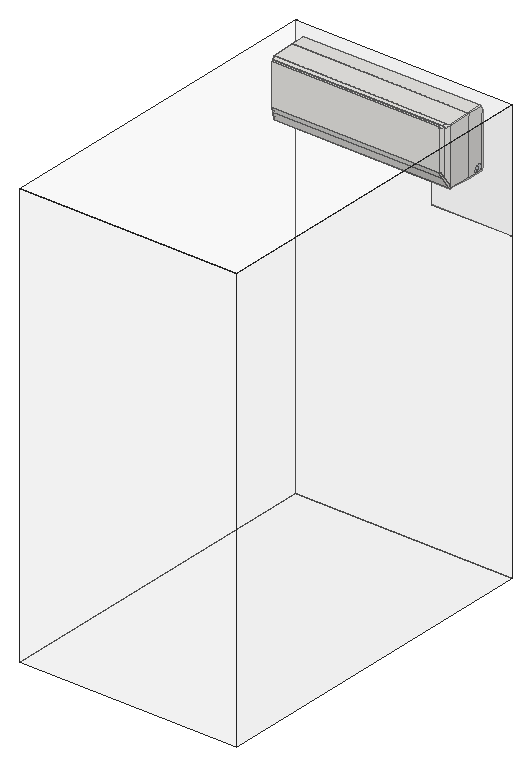
Revit family "pk-rp28la6_112ka22_50hz", category 機械設備, Revit 2023 (continued)
Definition of nested family "pk-rp_la3"
  Automatic sketch dimensions
    Extrusion 1 sketch curve to Extrusion 1 sketch curve = 2.282 mm
    Extrusion 1 sketch curve to Extrusion 1 sketch curve = 1.509 mm
    Extrusion 1 sketch curve to plane 10 "Fkidasi_Z" = 2.669 mm
    Extrusion 1 sketch curve to Extrusion 1 sketch curve = 3.53 mm
    Extrusion 1 sketch curve to Extrusion 1 sketch curve = 0.245 mm
    Extrusion 1 sketch curve to plane 10 "Fkidasi_Z" = 0.212 mm
    Extrusion 1 sketch curve to Extrusion 1 sketch curve = 11.126 mm
    Extrusion 1 sketch curve to Extrusion 1 sketch curve = 11.355 mm
    plane 10 "Fkidasi_Z" to Extrusion 1 sketch curve = 0.239 mm
    Extrusion 1 sketch curve to Extrusion 1 sketch curve = 0.886 mm
    Extrusion 1 sketch curve to Extrusion 1 sketch curve = 14.099 mm
    Extrusion 1 sketch curve to Extrusion 1 sketch curve = 0.981 mm  (x3)
    Extrusion 1 sketch curve to plane 2 = 91.302 mm
    plane 6 "UNDER" to Extrusion 1 sketch curve = 3.179 mm
    Extrusion 1 sketch curve to Extrusion 1 sketch curve = 2.631 mm
    Extrusion 1 sketch curve to Extrusion 1 sketch curve = 10.856 mm
    Extrusion 1 sketch curve to plane 10 "Fkidasi_Z" = 10.968 mm
    Extrusion 1 sketch curve to Extrusion 1 sketch curve = 1.969 mm
    Extrusion 1 sketch curve to plane 10 "Fkidasi_Z" = 1.653 mm
    Extrusion 1 sketch curve to plane 10 "Fkidasi_Z" = 0.674 mm
    Extrusion 1 sketch curve to Extrusion 1 sketch curve = 0.182 mm
    plane 10 "Fkidasi_Z" to Extrusion 1 sketch curve = 19.962 mm
    plane 10 "Fkidasi_Z" to Extrusion 1 sketch curve = 45.88 mm
    Extrusion 1 sketch curve to Extrusion 1 sketch curve = 9.288 mm
    Extrusion 1 sketch curve to Extrusion 1 sketch curve = 1.712 mm
    Extrusion 1 sketch curve to Extrusion 1 sketch curve = 2.453 mm
    Extrusion 1 sketch curve to Extrusion 1 sketch curve = 1.702 mm
    Extrusion 1 sketch curve to Extrusion 1 sketch curve = 0.58 mm
    Extrusion 1 sketch curve to Extrusion 1 sketch curve = 1.434 mm
    Extrusion 1 sketch curve to level = 23.558 mm
    Extrusion 1 sketch curve to Extrusion 1 sketch curve = 8.081 mm
    Extrusion 1 sketch curve to Extrusion 1 sketch curve = 4.288 mm
    Extrusion 1 sketch curve to Extrusion 1 sketch curve = 0.784 mm
    Extrusion 1 sketch curve to Extrusion 1 sketch curve = 0 mm
    Extrusion 1 sketch curve to Extrusion 1 sketch curve = 1.627 mm
    Extrusion 1 sketch curve to Extrusion 1 sketch curve = 0.002 mm
    Extrusion 1 sketch curve to level = 0 mm
    plane 19 to Extrusion 1 sketch curve = 6.097 mm
    Extrusion 1 sketch curve to Extrusion 1 sketch curve = 10.916 mm
    curve 15 to Extrusion 1 = 0 mm
    curve 17 to Extrusion 1 = 0 mm
    curve 20 to Extrusion 1 = 0 mm
    curve 13 to Extrusion 1 = 0 mm
    curve 10 to Extrusion 1 = 0 mm
    curve 8 to Extrusion 1 = 0 mm
    curve 15 to Extrusion 1 = 20 mm
    curve 15 to curve 16 = 8 mm
    curve 19 to Extrusion 1 = 1.466 mm
    curve 21 to Extrusion 1 = 3.034 mm
    curve 21 to curve 17 = 22.703 mm
    curve 14 to curve 9 = 24.618 mm
    curve 10 to curve 14 = 23.733 mm
    curve 10 to curve 12 = 34.286 mm
    curve 9 to Extrusion 1 = 28 mm
    curve 11 to curve 8 = 8 mm
    curve 19 to curve 21 = 11.583 mm
    curve 18 to curve 19 = 23.714 mm
    curve 19 to curve 16 = 19.672 mm
    curve 9 to Extrusion 1 = 35.752 mm
    curve 13 to curve 10 = 10 mm
    curve 13 to curve 11 = 79 mm
    plane 19 to Extrusion 1 sketch curve = 29.248 mm
    curve 6 to Extrusion 1 = 0 mm
    curve 2 to Extrusion 1 = 0 mm
    curve 1 to Extrusion 1 = 0 mm
    curve 2 to Extrusion 1 = 7.8 mm
    curve 1 to Extrusion 1 = 57 mm
    curve 4 to curve 7 = 0 mm
    curve 5 to curve 3 = 8 mm
    curve 3 to curve 7 = 50.624 mm
    curve 7 to curve 6 = 8.376 mm
    curve 7 to curve 3 = 7.895 mm
    curve 24 to Extrusion 1 = 1 mm
    curve 32 to Extrusion 1 = 1.705 mm
    curve 5 to curve 32 = 45 mm
    curve 4 to curve 24 = 48 mm
    curve 32 to Extrusion 1 = 1.664 mm
    curve 2 to Extrusion 1 = 57 mm
    curve 25 to Extrusion 1 = 0 mm
    curve 26 to Extrusion 1 = 0 mm
    curve 30 to Extrusion 1 = 0 mm
    Extrusion 1 to curve 25 = 57 mm
    Extrusion 1 to curve 26 = 7.8 mm
    Extrusion 1 to curve 26 = 57 mm
    curve 31 to curve 28 = 0 mm
    curve 28 to curve 27 = 8 mm
    curve 29 to curve 31 = 50.624 mm
    curve 31 to curve 30 = 8.376 mm
    curve 31 to curve 27 = 7.895 mm
    Extrusion 1 to curve 23 = 1 mm
    Extrusion 1 to curve 22 = 1.664 mm
    Extrusion 1 to curve 22 = 110 mm
    Extrusion 1 to curve 22 = 1.705 mm
    curve 28 to curve 23 = 48 mm
Types (9, lengths in mm): name | 風量_静 (m3/min) | 風量_強 (m3/min) | 風量_弱 (m3/min) | 風量_中 (m3/min) | 風量 | 音響パワーレベル_静 (dB) | 音響パワーレベル_弱 (dB) | 音響パワーレベル_中 (dB) | 音響パワーレベル_強 (dB) | 音響パワーレベル(dB) | 電動機出力_送風機 | 質量 | 壁掛_PK-RP_LA3 | 壁掛_PK-RP_LA1 | 冷媒液管位置-Z | 冷媒液管位置-Y | 冷媒液管位置-X | 冷媒ガス管位置-Z | 冷媒ガス管位置-Y | 冷媒ガス管位置-X | ドレン位置-Z | ドレン位置-Y | ドレン位置-X | URL | Space Top | Space Right_1 | Space Right | Space Left | MIN２風量 | MIN風量 | MID風量 | MAX風量 | 製品質量 | 消費電力_暖房 | 消費電力_冷房 | 消費電力 | 暖房能力 | 冷房能力 | 冷媒管径符号 | 冷媒液管径 | 冷媒ガス管径 | モデル | Width | S_H | Height | Depth | Clearance Top | Clearance Right | Clearance Left
  PK-RP28LA6 | 6.3 | 8.7 | 7.3 | 8 | 522.0 m³/h | 45 | 48 | 50 | 52 | 52 | 0.03 kW | 15.00 kg | no | yes | 280 | 23 | 711 | 268 | 23 | 642 | 274 | 37 | 660 | "https://www.mitsubishielectric.co.jp/ldg/wink/qr/002/364755" | 50 | 260 | 150 | 50 | 378.0 m³/h | 438.0 m³/h | 480.0 m³/h | 522.0 m³/h | 12.50 kg | 0.02 kW | 0.03 kW | 0.03 kW | 2.80 kW | 2.5 kW | "Ac" | 6.35 | 12.7 | "PK-RP28LA6" | 898 | 356 | 299 | 237 | 50 | 150 | 50
  PK-RP40LA6 | 6.8 | 10.7 | 8.2 | 9.4 | 642.0 m³/h | 47 | 51 | 54 | 57 | 57 | 0.03 kW | 15.00 kg | no | yes | 280 | 35 | 711 | 268 | 35 | 642 | 245 | 35 | 660 | "https://www.mitsubishielectric.co.jp/ldg/wink/qr/002/364704" | 50 | 260 | 150 | 50 | 408.0 m³/h | 492.0 m³/h | 564.0 m³/h | 642.0 m³/h | 12.50 kg | 0.03 kW | 0.04 kW | 0.04 kW | 4.00 kW | 3.6 kW | "Ac" | 6.35 | 12.7 | "PK-RP40LA6" | 898 | 356 | 299 | 237 | 50 | 150 | 50
  PK-RP45LA6 | 6.8 | 10.7 | 8.2 | 9.4 | 642.0 m³/h | 48 | 51 | 54 | 57 | 57 | 0.03 kW | 15.00 kg | no | yes | 280 | 35 | 711 | 268 | 35 | 642 | 245 | 35 | 660 | "https://www.mitsubishielectric.co.jp/ldg/wink/qr/002/364756" | 50 | 260 | 150 | 50 | 408.0 m³/h | 492.0 m³/h | 564.0 m³/h | 642.0 m³/h | 12.50 kg | 0.03 kW | 0.04 kW | 0.04 kW | 4.50 kW | 4 kW | "Ac" | 6.35 | 12.7 | "PK-RP45LA6" | 898 | 356 | 299 | 237 | 50 | 150 | 50
  PK-RP50LA6 | 6.8 | 10.7 | 8.2 | 9.4 | 642.0 m³/h | 48 | 51 | 54 | 57 | 57 | 0.03 kW | 15.00 kg | no | yes | 280 | 35 | 711 | 268 | 35 | 642 | 245 | 35 | 660 | "https://www.mitsubishielectric.co.jp/ldg/wink/qr/002/364757" | 50 | 260 | 150 | 50 | 408.0 m³/h | 492.0 m³/h | 564.0 m³/h | 642.0 m³/h | 12.50 kg | 0.03 kW | 0.04 kW | 0.04 kW | 5.00 kW | 4.5 kW | "Ac" | 6.35 | 12.7 | "PK-RP50LA6" | 898 | 356 | 299 | 237 | 50 | 150 | 50
  PK-RP56LA6 | 7.3 | 13.6 | 9.4 | 11.6 | 816.0 m³/h | 49 | 54 | 59 | 63 | 63 | 0.03 kW | 15.00 kg | no | yes | 280 | 35 | 711 | 268 | 35 | 642 | 245 | 35 | 660 | "https://www.mitsubishielectric.co.jp/ldg/wink/qr/002/364758" | 50 | 260 | 150 | 50 | 438.0 m³/h | 564.0 m³/h | 696.0 m³/h | 816.0 m³/h | 12.50 kg | 0.05 kW | 0.06 kW | 0.06 kW | 5.60 kW | 5 kW | "Ac" | 6.35 | 12.7 | "PK-RP56LA6" | 898 | 356 | 299 | 237 | 50 | 150 | 50
  PK-RP63KA22 | 0 | 19 | 16.5 | 17.8 | 1140.0 m³/h | 0 | 53 | 55 | 56 | 56 | 0.056 kW | 24.00 kg | yes | no | 312 | 30 | 636 | 333 | 25 | 567 | 347 | 61 | 719 | "https://www.mitsubishielectric.co.jp/ldg/wink/qr/002/364627" | 48 | 220 | 100.5 | 52.3 | 0.0 m³/h | 990.0 m³/h | 1068.0 m³/h | 1140.0 m³/h | 20.00 kg | 0.06 kW | 0.06 kW | 0.06 kW | 6.30 kW | 5.6 kW | "Ac" | 6.35 | 12.7 | "PK-RP63KA22" | 1170 | 420 | 365 | 295 | 48 | 100.5 | 52.3
  PK-RP71KA22 | 0 | 19 | 16.5 | 17.8 | 1140.0 m³/h | 0 | 53 | 55 | 56 | 56 | 0.056 kW | 25.20 kg | yes | no | 312 | 30 | 636 | 333 | 25 | 567 | 347 | 61 | 719 | "https://www.mitsubishielectric.co.jp/ldg/wink/qr/002/364628" | 48 | 220 | 100.5 | 52.3 | 0.0 m³/h | 990.0 m³/h | 1068.0 m³/h | 1140.0 m³/h | 21.00 kg | 0.06 kW | 0.06 kW | 0.06 kW | 7.10 kW | 6.3 kW | "Bd" | 9.52 | 15.88 | "PK-RP71KA22" | 1170 | 420 | 365 | 295 | 48 | 100.5 | 52.3
  PK-RP80KA22 | 0 | 23 | 17 | 20 | 1380.0 m³/h | 0 | 53 | 57 | 61 | 61 | 0.056 kW | 25.20 kg | yes | no | 312 | 30 | 636 | 333 | 25 | 567 | 347 | 61 | 719 | "https://www.mitsubishielectric.co.jp/ldg/wink/qr/002/364629" | 48 | 220 | 100.5 | 52.3 | 0.0 m³/h | 1020.0 m³/h | 1200.0 m³/h | 1380.0 m³/h | 21.00 kg | 0.07 kW | 0.07 kW | 0.07 kW | 8.00 kW | 7.1 kW | "Bd" | 9.52 | 15.88 | "PK-RP80KA22" | 1170 | 420 | 365 | 295 | 48 | 100.5 | 52.3
  PK-RP112KA22 | 0 | 25 | 17 | 21 | 1500.0 m³/h | 0 | 56 | 61 | 66 | 66 | 0.056 kW | 25.20 kg | yes | no | 312 | 30 | 636 | 333 | 25 | 567 | 347 | 61 | 719 | "https://www.mitsubishielectric.co.jp/ldg/wink/qr/002/364630" | 48 | 220 | 100.5 | 52.3 | 0.0 m³/h | 1020.0 m³/h | 1260.0 m³/h | 1500.0 m³/h | 21.00 kg | 0.07 kW | 0.07 kW | 0.07 kW | 11.20 kW | 10 kW | "Bd" | 9.52 | 15.88 | "PK-RP112KA22" | 1170 | 420 | 365 | 295 | 48 | 100.5 | 52.3
